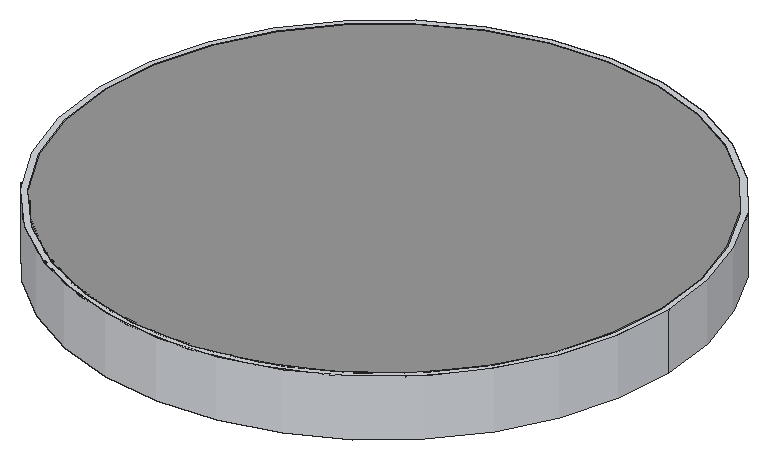
Revit family "2071228", category Lighting Fixtures, host Face, Revit 2018
Family settings
  Host = Face
  Round Connector Dimension = Use Diameter
  Part Type = Normal
  OmniClass Number = 23.80.70.00
  OmniClass Title = Lighting
  Cut with Voids When Loaded = No
  Light Source = Yes
  Shared = No
  Room Calculation Point = No
Parameters (values of type "2071228 COLOSSAL 600 940 PR DIR+H WHT EM")
  iner diameter = 588 mm
  Weight = "n/a"
  Wattage Comments = ""
  Wattage = 30 W
  WarrantyStartDate [instance] = "n/a"
  WarrantyGuarantorParts = "n/a"
  WarrantyDurationUnit = "n/a"
  WarrantyDurationParts = ""
  WarrantyDescription = "http://www.sylvania-lighting.com"
  built-in parameter 1150110 = 1 (stored number, unit not read)
  Voltage = 230 V
  URL = "0.95"
  TypeName = "COLOSSAL 600mm 940 PRISM DIR+HAL WHITE EM"
  Type Image = <None>
  Type Comments = "n/a"
  built-in parameter 1114217 = 1 (stored number, unit not read)
  Tilt Angle = -90.00°
  built-in parameter 1150109 = 1 (stored number, unit not read)
  built-in parameter 1150134 = (empty or 0)
  built-in parameter 1150113 = 1 (stored number, unit not read)
  SerialNumber [instance] = "n/a"
  Photometric Web File = "2071228.ies"
  Material_3_SYL = LED-Sylvania
  PowerFactor = 0
  PowerConsumption = "Lighting"
  NominalLength = 600 mm
  NominalHeight = 93 mm
  NominalDepth = 600 mm
  Name = "COLOSSAL 600mm 940 PRISM DIR+HAL WHITE EM"
  ModelReference = Name  # "COLOSSAL 600mm 940 PRISM DIR+HAL WHITE EM"
  ModelNumber = "2071228"
  Model = Name  # "COLOSSAL 600mm 940 PRISM DIR+HAL WHITE EM"
  Material = "Feilo Sylvania"
  ManufacturerName = "109 lm/W"
  Manufacturer = ""
  LuminousEfficacy = ""
  built-in parameter 1150105 = 270.44 (stored number, unit not read)
  Lumens = 3398.4 lm
  LuminaireType = "0"
  built-in parameter 1150115 = 1 (stored number, unit not read)
  LightOutputRatio = "LED"
  built-in parameter 1150137 = (empty or 0)
  built-in parameter 1150139 = (empty or 0)
  LampsType = Lamp  # "n/a"
  LampNominalLuminous = "4000 K"
  LampMacAdamStep = "90"
  LampColourTemperature = "LED"
  LampColourRenderingIndex = "16500"
  built-in parameter 1150112 = 1 (stored number, unit not read)
  built-in parameter 1150114 = 1 (stored number, unit not read)
  Lamp = "n/a"
  Keynote = "n/a"
  InstallationDate [instance] = "n/a"
  InputVoltage = "0"
  InputNominalFrequency = "4000"
  built-in parameter 1150132 = (empty or 0)
  built-in parameter 1150102 = (empty or 0)
  built-in parameter 1150107 = 3000 (stored number, unit not read)
  built-in parameter 1150138 = (empty or 0)
  IngressProtection = "IfcLightFixtureType"
  ImpactProtectionIndex = "IfcLightFixtureType"
  built-in parameter 1150106 = 2.7044 (stored number, unit not read)
  IfcExportType = "IfcLightFixtureType"
  IfcExportAs = "Class I"
  Emit from Circle Diameter = 385 mm
  Emit Shape Visible in Rendering = no
  ElectricShockClassification = "109"
  built-in parameter 1150104 = 10.524 (stored number, unit not read)
  DocumentationLiterature = "http://www.sylvania-lighting.com/product/en-int/products/2071228"
  DimmingControlOptions = "n/a"
  Material_2_SYL = Polycarbonate_Sylvania_White
  Dimming Lamp Color Temperature Shift = <None>
  Description = "600mm diameter circular architectural luminaire, can be surface mounted or suspended. Powder coated aluminium housing (RAL9016) with PMMA prismatic diffuser. Direct/indirect (halo) light distribution, 3485lm luminuous flux, 32.1W system power, 109lm/W luminiaire efficacy. Constant current driver. 3 hours integrated emergency. Colour rendering index Ra >90, 4000K Neutral White LED, chromaticity tolerance of 3-step MacAdam ellipse. IP40, IK03. 350mA drive current. UGR≤19. Electrical protection Class1, 220-240V. Reported lifetime 66k hours L90B10."
  Default Elevation = 1219.2 mm
  CreatedOn = "23/03/2022"
  CreatedBy = "@sylvania-lighting.com"
  Cost = 0
  Color Filter = 16777215
  built-in parameter 1114216 [instance] = (empty or 0)
  ClassificationValue = "EF_70_80"
  ClassificationName = "Uniclass2015"
  Material_1_SYL = Polycarbonate_Sylvania_Opal
  BarCode [instance] = "n/a"
  built-in parameter 1114218 = 1 (stored number, unit not read)
  built-in parameter 1150133 = 10 (stored number, unit not read)
  AssetType = "Fixed"
  AssetIdentifier [instance] = "n/a"
  Assembly Code = "D5020200"
  Apparent Load = 32.1 VA
  Material_4_SYL = none
Reference planes
  plane 1 "Center (Front/Back)": y = 0
  plane 2: z = 0
  plane 3 "Center (Left/Right)": x = 0
  plane 4: x = -300
  plane 5: x = 300
  plane 6: y = 300
  plane 7: y = -300
  plane 8: y = 212
  plane 9: y = -212
  plane 10: z = 93
  plane 11: y = 294
  plane 12: y = -294
  plane 13: through (0, 0, 1219.2) normal (0.5, -0.866, 0)
  plane 14: through (-134.29, 20.617, 1219.2) normal (0.5, -0.866, 0)
  plane 15: through (-144.685, -181.683, 1219.2) normal (-0.5, 0.866, 0)
  plane 16: through (0, 0, 1219.2) normal (0.5, 0.866, 0)
  plane 17: through (178.555, -4.939, 1219.2) normal (0.5, 0.866, 0)
  plane 18: through (87.581, -148.715, 1219.2) normal (0.5, 0.866, 0)
  plane 19: y = 272
  plane 20: through (105.168, 227.067, 1219.2) normal (0.866, 0.5, 0)
  plane 21: through (-104.171, 225.672, 1219.2) normal (0.8572, -0.515, 0)
  plane 22: y = -204.612
  plane 23: through (-296.643, -30.2, 1219.2) normal (0.866, 0.5, 0)
  plane 24: through (153.092, -278.837, 1219.2) normal (-0.866, 0.5, 0)
Forms (mm)
  Extrusion 1, solid, detail levels medium+fine
    sketch origin (0, 0, 0) x (1, 0, 0) y (0, 1, 0)
      loop
        circle (0, 0) r 300
    from 33.023 to 93
  Extrusion 2, void
    sketch origin (0, 0, 0) x (1, 0, 0) y (0, 1, 0)
      loop
        circle (0, 0) r 294
    from 93 to 37.292
  Extrusion 3, solid, material "Glass, White, High Luminance", detail levels fine
    sketch origin (0, 0, 0) x (1, 0, 0) y (0, 1, 0)
      loop
        circle (0, 0) r 294
    from 88.026 to 93
  Extrusion 4, solid, detail levels coarse
    sketch origin (0, 0, 0) x (1, 0, 0) y (0, 1, 0)
      loop
        line (-300, 300) -> (-300, -300) -> (300, -300) -> (300, 300) -> (-300, 300)
    from 0 to 93
  Blend 5, solid, detail levels medium+fine
    base sketch origin (0, 0, 0) x (1, 0, 0) y (0, 1, 0)
      loop
        line (-76.334, 272) -> (-277.665, -63.07) -> (-195.946, -204.612) -> (195.946, -204.612) -> (275.172, -67.388) -> (79.226, 272) -> (-76.334, 272)
    top sketch origin (0, 0, 0) x (1, 0, 0) y (0, 1, 0)
      loop
        line (-226.097, -32.388) -> (-141.097, -179.612) -> (141.097, -179.612) -> (226.097, -32.388) -> (85, 212) -> (-85, 212) -> (-226.097, -32.388)
    from 33.023 to 0
Cuts and joins
  Extrusion 2 cuts Extrusion 1
Lines and regions (mm)
  model lines
    curve 1: line (-85, 212, 0) -> (0, 212, 0)
    curve 2: line (0, 212, 0) -> (85, 212, 0)
Dimensions and locks
  "NominalDepth": plane 6 to plane 7
  "NominalLength": plane 4 to plane 5
  equal spacing: plane 4, plane 3 "Center (Left/Right)", plane 5
  "iner diameter": plane 11 to plane 12
  equal spacing: plane 11, plane 1 "Center (Front/Back)", plane 12
  equal spacing: plane 6, plane 1 "Center (Front/Back)", plane 7
  "NominalHeight": plane 10 to level
  radius of Extrusion 2 sketch curve = 294 mm
  aligned and locked: plane 2 to host face
  aligned and locked: level to host face
Automatic sketch dimensions
  host sketch curve to host sketch curve = 2438.4 mm  (x2)
  plane 1 "Center (Front/Back)" to Extrusion 1 sketch curve = 0 mm
  Extrusion 1 sketch curve to plane 3 "Center (Left/Right)" = 0 mm
  plane 1 "Center (Front/Back)" to Extrusion 2 sketch curve = 0 mm
  Extrusion 2 sketch curve to plane 3 "Center (Left/Right)" = 0 mm
  plane 1 "Center (Front/Back)" to Extrusion 3 sketch curve = 0 mm
  Extrusion 3 sketch curve to plane 3 "Center (Left/Right)" = 0 mm
  Extrusion 4 sketch curve to plane 4 = 0 mm
  Extrusion 4 sketch curve to plane 5 = 0 mm
  Extrusion 4 sketch curve to plane 7 = 0 mm
  Extrusion 4 sketch curve to plane 6 = 0 mm
  Blend 5 sketch curve to plane 8 = 0 mm
  Blend 5 sketch curve to plane 3 "Center (Left/Right)" = 85 mm
  plane 3 "Center (Left/Right)" to Blend 5 sketch curve = 85 mm
  plane 9 to Blend 5 sketch curve = 32.388 mm
  plane 3 "Center (Left/Right)" to Blend 5 sketch curve = 141.097 mm
  plane 1 "Center (Front/Back)" to Blend 5 sketch curve = 32.388 mm  (x2)
  Blend 5 sketch curve to plane 5 = 73.903 mm
  Blend 5 sketch curve to plane 3 "Center (Left/Right)" = 141.097 mm
  plane 4 to Blend 5 sketch curve = 73.903 mm
  curve 1 to plane 8 = 0 mm
  curve 2 to plane 3 "Center (Left/Right)" = 0 mm
  curve 1 to plane 3 "Center (Left/Right)" = 85 mm
  curve 1 to curve 2 = 85 mm
  Blend 5 sketch curve to plane 21 = 0 mm
  Blend 5 sketch curve to plane 23 = 0 mm  (x2)
  Blend 5 sketch curve to plane 22 = 0 mm
  Blend 5 sketch curve to plane 19 = 0 mm
  plane 21 to Blend 5 sketch curve = 0 mm
  Blend 5 sketch curve to plane 20 = 0 mm  (x2)
  Blend 5 sketch curve to plane 24 = 0 mm  (x2)
  radius of Extrusion 1 sketch curve = 300 mm
  radius of Extrusion 3 sketch curve = 294 mm
Connectors
  electrical at (0, 0, 0), driven by "Apparent Load", driven by "PowerFactor", driven by "Voltage"
    settings: index 1, voltage 230 V, apparent load 32.1 VA, apparent load phase1 0 VA, apparent load phase2 0 VA, apparent load phase3 0 VA, power factor 0, load classification "Lighting", number of poles 1, system type 30, power factor state 1, is connector primary yes, connector utility no, sub classification motor no, connector description ""
